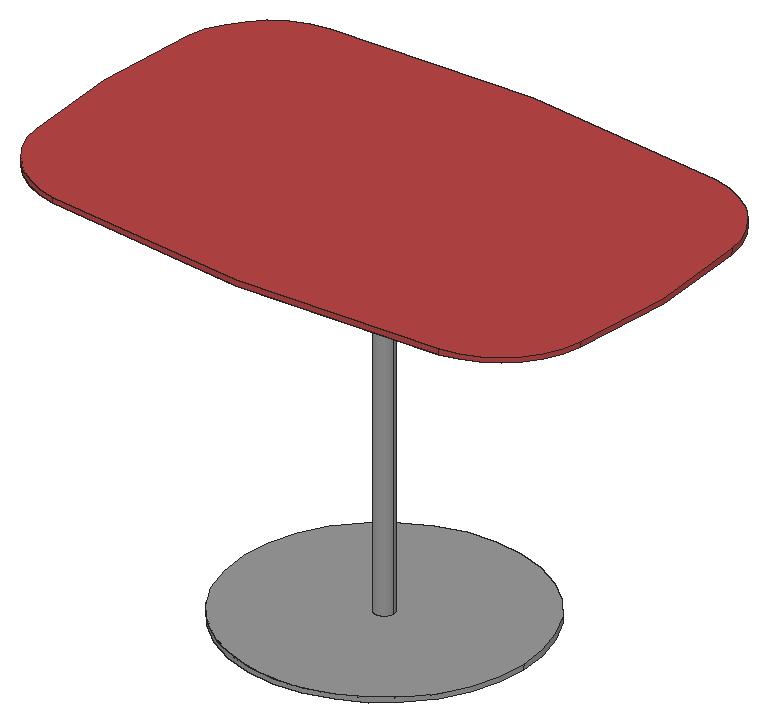
Revit family "Floyd tavolino", category Arredi, Revit 2017
Family settings
  Numero OmniClass = 23.40.20.00
  Titolo OmniClass = General Furniture and Specialties
  Basato su piano di lavoro = No
  Sempre verticale = Sì
  Taglio con vuoti quando caricato = No
  Condiviso = No
  Punto di calcolo locali = No
Parameters (values of type "60x40")
  Visib. 60x40 = yes
  Visib. 56x56 = no
  Visib. 53x40 = no
  URL = "http://www.livingdivani.it"
  Modello = "Floyd tavolo in marmo"
  Mat. Tessuto = Lino - Beige
  Mat. Struttura = Acciaio - Lucido
  Produttore = "LivingDivani"
  Mat. Piano = Marmo
  Codice Prodotto = "FLYV053M"
Types (4, lengths in cm): name | Visib. 60x40 | Visib. 56x56 | Visib. 53x40 | Modello | Mat. Piano | Codice Prodotto
  (no name) | yes | no | no | "Floyd tavolo in marmo" | Marmo | "FLYV053M"
  53x40 | no | no | yes | "Floyd tavolo in legno" | Legno | "FLYV053L"
  60x40 | yes | no | no | "Floyd tavolo in marmo" | Marmo | "FLYV053M"
  56x56 | no | yes | no | "Floyd Tavolo" | Legno | "FLYV056\r\nMAJVP058C\r\nMAJVP058C"
Reference planes (cm)
  plane 1 "Centro (Fronte/Retro)": y = 0
  plane 2: z = 0
  plane 3 "Centro (Sinistra/Destra)": x = 0
  plane 4 "diagonale": through (426.72, 29, 68) normal (0, 0.0613, -0.9981)
  plane 5: y = 20
  plane 6: y = -20
  plane 7: x = -26.5
  plane 8: x = 26.5
  plane 9: z = 0.5
  plane 10: z = 1
  plane 11 "sottopiano": z = 39.5
  plane 12: z = 41
  plane 13: z = 41.5
Forms (cm)
  Extrusion 1, solid, material "Acciaio - Lucido" <- "Mat. Struttura"
    sketch origin (0, 0, 0) x (1, 0, 0) y (0, 1, 0)
      loop
        circle (0, 0) r 14
    from 0 to 0.5
  Extrusion 2, solid, material "Acciaio - Lucido" <- "Mat. Struttura"
    sketch origin (0, 0, 0) x (1, 0, 0) y (0, 1, 0)
      loop
        circle (0, 0) r 15
    from 0.5 to 1
  Extrusion 3, solid, material "Acciaio - Lucido" <- "Mat. Struttura"
    sketch origin (0, 0, 0) x (1, 0, 0) y (0, 1, 0)
      loop
        circle (0, 0) r 1
    from 1 to 39.5
  Blend 4, solid, material "Marmo" <- "Mat. Piano", visible <- "Visib. 53x40"
    base sketch origin (0, 0, 39.5) x (0, -1, 0) y (1, 0, 0)
      loop
        arc (-14.7762, -16.699) -> (-13.0962, -20.0536) -> (-9.7522, -21.7546) r 6
        arc (-9.7522, -21.7546) -> (0, -22.5) -> (9.7522, -21.7546) r 64.1667
        arc (9.7522, -21.7546) -> (13.0962, -20.0536) -> (14.7762, -16.699) r 6
        arc (14.7762, -16.699) -> (16, 0) -> (14.7762, 16.699) r 114.5417
        arc (14.7762, 16.699) -> (13.0962, 20.0536) -> (9.7522, 21.7546) r 6
        arc (9.7522, 21.7546) -> (0, 22.5) -> (-9.7522, 21.7546) r 64.1667
        arc (-9.7522, 21.7546) -> (-13.0962, 20.0536) -> (-14.7762, 16.699) r 6
        arc (-14.7762, 16.699) -> (-16, 0) -> (-14.7762, -16.699) r 114.5417
    top sketch origin (0, 0, 39.5) x (0, -1, 0) y (1, 0, 0)
      loop
        arc (-18.7334, -17.2822) -> (-15.9335, -22.8732) -> (-10.3601, -25.7081) r 10
        arc (-10.3601, -25.7081) -> (0, -26.5) -> (10.3601, -25.7081) r 68.1667
        arc (10.3601, -25.7081) -> (15.9335, -22.8732) -> (18.7334, -17.2822) r 10
        arc (18.7334, -17.2822) -> (20, 0) -> (18.7334, 17.2822) r 118.5417
        arc (18.7334, 17.2822) -> (15.9335, 22.8732) -> (10.3601, 25.7081) r 10
        arc (10.3601, 25.7081) -> (0, 26.5) -> (-10.3601, 25.7081) r 68.1667
        arc (-10.3601, 25.7081) -> (-15.9335, 22.8732) -> (-18.7334, 17.2822) r 10
        arc (-18.7334, 17.2822) -> (-20, 0) -> (-18.7334, -17.2822) r 118.5417
    from 0 to 1.5
  Extrusion 5, solid, material "Marmo" <- "Mat. Piano", visible <- "Visib. 53x40"
    sketch origin (0, 0, 39.5) x (0, -1, 0) y (1, 0, 0)
      loop
        arc (-18.7334, -17.2822) -> (-15.9335, -22.8732) -> (-10.3601, -25.7081) r 10
        arc (-10.3601, -25.7081) -> (0, -26.5) -> (10.3601, -25.7081) r 68.1667
        arc (10.3601, -25.7081) -> (15.9335, -22.8732) -> (18.7334, -17.2822) r 10
        arc (18.7334, -17.2822) -> (20, 0) -> (18.7334, 17.2822) r 118.5417
        arc (18.7334, 17.2822) -> (15.9335, 22.8732) -> (10.3601, 25.7081) r 10
        arc (10.3601, 25.7081) -> (0, 26.5) -> (-10.3601, 25.7081) r 68.1667
        arc (-10.3601, 25.7081) -> (-15.9335, 22.8732) -> (-18.7334, 17.2822) r 10
        arc (-18.7334, 17.2822) -> (-20, 0) -> (-18.7334, -17.2822) r 118.5417
    from 1.5 to 2
  Extrusion 6, solid, material "Marmo" <- "Mat. Piano", visible <- "Visib. 60x40"
    sketch origin (0, 0, 39.5) x (0, -1, 0) y (1, 0, 0)
      loop
        arc (-18.5767, -20.7176) -> (-15.7856, -26.377) -> (-10.1614, -29.2384) r 10
        arc (-10.1614, -29.2384) -> (0, -30) -> (10.1614, -29.2384) r 68.1667
        arc (10.1614, -29.2384) -> (15.7856, -26.377) -> (18.5767, -20.7176) r 10
        arc (18.5767, -20.7176) -> (20, 0) -> (18.5767, 20.7176) r 151.5
        arc (18.5767, 20.7176) -> (15.7856, 26.377) -> (10.1614, 29.2384) r 10
        arc (10.1614, 29.2384) -> (0, 30) -> (-10.1614, 29.2384) r 68.1667
        arc (-10.1614, 29.2384) -> (-15.7856, 26.377) -> (-18.5767, 20.7176) r 10
        arc (-18.5767, 20.7176) -> (-20, 0) -> (-18.5767, -20.7176) r 151.5
    from 1.5 to 2
  Blend 7, solid, material "Marmo" <- "Mat. Piano", visible <- "Visib. 60x40"
    base sketch origin (0, 0, 39.5) x (0, -1, 0) y (1, 0, 0)
      loop
        arc (-14.6143, -20.1706) -> (-12.9396, -23.5663) -> (-9.5651, -25.2831) r 6
        arc (-9.5651, -25.2831) -> (0, -26) -> (9.5651, -25.2831) r 64.1667
        arc (9.5651, -25.2831) -> (12.9396, -23.5663) -> (14.6143, -20.1706) r 6
        arc (14.6143, -20.1706) -> (16, 0) -> (14.6143, 20.1706) r 147.5
        arc (14.6143, 20.1706) -> (12.9396, 23.5663) -> (9.5651, 25.2831) r 6
        arc (9.5651, 25.2831) -> (0, 26) -> (-9.5651, 25.2831) r 64.1667
        arc (-9.5651, 25.2831) -> (-12.9396, 23.5663) -> (-14.6143, 20.1706) r 6
        arc (-14.6143, 20.1706) -> (-16, 0) -> (-14.6143, -20.1706) r 147.5
    top sketch origin (0, 0, 39.5) x (0, -1, 0) y (1, 0, 0)
      loop
        arc (-18.5767, -20.7176) -> (-15.7856, -26.377) -> (-10.1614, -29.2384) r 10
        arc (-10.1614, -29.2384) -> (0, -30) -> (10.1614, -29.2384) r 68.1667
        arc (10.1614, -29.2384) -> (15.7856, -26.377) -> (18.5767, -20.7176) r 10
        arc (18.5767, -20.7176) -> (20, 0) -> (18.5767, 20.7176) r 151.5
        arc (18.5767, 20.7176) -> (15.7856, 26.377) -> (10.1614, 29.2384) r 10
        arc (10.1614, 29.2384) -> (0, 30) -> (-10.1614, 29.2384) r 68.1667
        arc (-10.1614, 29.2384) -> (-15.7856, 26.377) -> (-18.5767, 20.7176) r 10
        arc (-18.5767, 20.7176) -> (-20, 0) -> (-18.5767, -20.7176) r 151.5
    from 0 to 1.5
  Extrusion 8, solid, material "Marmo" <- "Mat. Piano", visible <- "Visib. 56x56"
    sketch origin (0, 0, 39.5) x (0, -1, 0) y (1, 0, 0)
      loop
        arc (-18.2125, -26.7391) -> (0, -28) -> (18.2125, -26.7391) r 132.1667
        arc (18.2125, -26.7391) -> (23.9056, -23.9056) -> (26.7391, -18.2125) r 10
        arc (26.7391, -18.2125) -> (28, 0) -> (26.7391, 18.2125) r 132.1667
        arc (26.7391, 18.2125) -> (23.9056, 23.9056) -> (18.2125, 26.7391) r 10
        arc (18.2125, 26.7391) -> (0, 28) -> (-18.2125, 26.7391) r 132.1667
        arc (-18.2125, 26.7391) -> (-23.9056, 23.9056) -> (-26.7391, 18.2125) r 10
        arc (-26.7391, 18.2125) -> (-28, 0) -> (-26.7391, -18.2125) r 132.1667
        arc (-26.7391, -18.2125) -> (-23.9056, -23.9056) -> (-18.2125, -26.7391) r 10
    from 1.5 to 2
  Blend 9, solid, material "Marmo" <- "Mat. Piano", visible <- "Visib. 56x56"
    base sketch origin (0, 0, 39.5) x (0, -1, 0) y (1, 0, 0)
      loop
        arc (-22.7773, -17.6613) -> (-21.0772, -21.0772) -> (-17.6613, -22.7773) r 6
        arc (-17.6613, -22.7773) -> (0, -24) -> (17.6613, -22.7773) r 128.1667
        arc (17.6613, -22.7773) -> (21.0772, -21.0772) -> (22.7773, -17.6613) r 6
        arc (22.7773, -17.6613) -> (24, 0) -> (22.7773, 17.6613) r 128.1667
        arc (22.7773, 17.6613) -> (21.0772, 21.0772) -> (17.6613, 22.7773) r 6
        arc (17.6613, 22.7773) -> (0, 24) -> (-17.6613, 22.7773) r 128.1667
        arc (-17.6613, 22.7773) -> (-21.0772, 21.0772) -> (-22.7773, 17.6613) r 6
        arc (-22.7773, 17.6613) -> (-24, 0) -> (-22.7773, -17.6613) r 128.1667
    top sketch origin (0, 0, 39.5) x (0, -1, 0) y (1, 0, 0)
      loop
        arc (-26.7391, -18.2125) -> (-23.9056, -23.9056) -> (-18.2125, -26.7391) r 10
        arc (-18.2125, -26.7391) -> (0, -28) -> (18.2125, -26.7391) r 132.1667
        arc (18.2125, -26.7391) -> (23.9056, -23.9056) -> (26.7391, -18.2125) r 10
        arc (26.7391, -18.2125) -> (28, 0) -> (26.7391, 18.2125) r 132.1667
        arc (26.7391, 18.2125) -> (23.9056, 23.9056) -> (18.2125, 26.7391) r 10
        arc (18.2125, 26.7391) -> (0, 28) -> (-18.2125, 26.7391) r 132.1667
        arc (-18.2125, 26.7391) -> (-23.9056, 23.9056) -> (-26.7391, 18.2125) r 10
        arc (-26.7391, 18.2125) -> (-28, 0) -> (-26.7391, -18.2125) r 132.1667
    from 0 to 1.5
Dimensions and locks (cm)
  plane 7 to plane 8 = 53 cm
  plane 5 to plane 6 = 40 cm
  aligned and locked: level to plane 2
  aligned and locked: Extrusion 1 to level
  aligned and locked: Extrusion 1 to plane 9
  aligned and locked: plane 9 to Extrusion 2
  aligned and locked: Extrusion 2 to plane 10
  aligned and locked: plane 10 to Extrusion 3
  aligned and locked: Extrusion 3 to plane 11 "sottopiano"
  aligned and locked: plane 11 "sottopiano" to Blend 4
  aligned and locked: Blend 4 to plane 12
  aligned and locked: plane 12 to Extrusion 5
  aligned and locked: Extrusion 5 to plane 13
  aligned and locked: plane 12 to Extrusion 6
  aligned and locked: Extrusion 6 to plane 13
  aligned and locked: plane 11 "sottopiano" to Blend 7
  aligned and locked: Blend 7 to plane 12
  aligned and locked: plane 12 to Extrusion 8
  aligned and locked: Extrusion 8 to plane 13
  aligned and locked: plane 11 "sottopiano" to Blend 9
  aligned and locked: Blend 9 to plane 12
